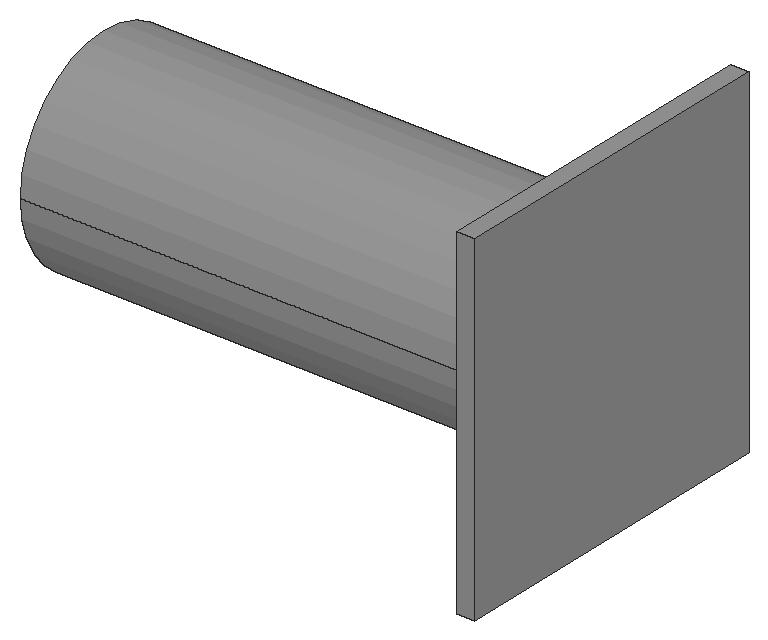
Revit family "ca9a85e7b2614d5b83d77de0f4cb7d5a", category Structural Rebar Couplers, Revit 2021
Family settings
  Work Plane-Based = No
  Always vertical = No
  Cut with Voids When Loaded = No
  Shared = No
Parameters (values of type "FS#8")
  External Diameter = 0' - 1 3/8"
  Symbol Width = 0' - 1.93"
  Symbol Length = 0' - 4.68"
  Material = Steel
  Total Length = 0' - 3 11/32"
  P1 = 0' - 0.11811"
  P2 = Symbol Width * 2  # 0' - 3.86"
  P3 = 0' - 2 1/4"
  End Treatment 2 = Threaded
  End Treatment 1 = Threaded
  Bar Size 2 = #8
  Bar Size 1 = #8
  Bar Engagement 2 = 0' - 1 1/2"
  Bar Engagement 1 = 0' - 1 1/2"
Types (8): name | External Diameter | Symbol Width | Symbol Length | Total Length | P2 | P3 | Bar Size 2 | Bar Size 1 | Bar Engagement 2 | Bar Engagement 1
  FS#8 | 0' - 1 3/8" | 0' - 1.93" | 0' - 4.68" | 0' - 3 11/32" | 0' - 3.86" | 0' - 2 1/4" | #8 | #8 | 0' - 1 1/2" | 0' - 1 1/2"
  FS#11 | 0' - 1 7/8" | 0' - 2.44" | 0' - 5.16" | 0' - 3.97" | 0' - 4.88" | 0' - 2 1/2" | #11 | #11 | 0' - 1 1/2" | 0' - 1 1/2"
  FS#10 | 0' - 1 3/4" | 0' - 2.28" | 0' - 4.92" | 0' - 3.78" | 0' - 4.56" | 0' - 2 1/2" | #10 | #10 | 0' - 1 1/2" | 0' - 1 1/2"
  FS#9 | 0' - 1 1/2" | 0' - 1.95" | 0' - 5.03" | 0' - 3 19/32" | 0' - 3.9" | 0' - 2 1/2" | #9 | #9 | 0' - 1 1/2" | 0' - 1 1/2"
  FS#7 | 0' - 1 3/16" | 0' - 1.66" | 0' - 4.42" | 0' - 3 5/32" | 0' - 3.32" | 0' - 2 1/4" | #7 | #7 | 0' - 1 1/2" | 0' - 1 1/2"
  FS#6 | 0' - 1 1/16" | 0' - 1.49" | 0' - 3.94" | 0' - 2 13/16" | 0' - 2.98" | 0' - 2 1/4" | #6 | #6 | 0' - 1" | 0' - 1"
  FS#5 | 0' - 0 7/8" | 0' - 1.31" | 0' - 3.28" | 0' - 2 3/16" | 0' - 2.62" | 0' - 2 1/4" | #5 | #5 | 0' - 1" | 0' - 1"
  FS#4 | 0' - 0 11/16" | 0' - 1.03" | 0' - 2.44" | 0' - 1 5/8" | 0' - 2.06" | 0' - 2 1/4" | #4 | #4 | 0' - 0 1/2" | 0' - 0 1/2"
Reference planes (in)
  plane 1: y = 0
  plane 2: z = 0
  plane 3: x = 0
  plane 4: y = 0.965
  plane 5: y = -0.965
  plane 6: x = -1.67187
  plane 7: x = 1.67188
  plane 8: x = 1.55376
  plane 9: x = 2.34
  plane 10: x = -2.34
  plane 11: x = 2.22189
  plane 12: y = -1.93
  plane 13: y = 1.93
  plane 14: z = 1.125
  plane 15: y = 1.125
  plane 16: z = -1.125
  plane 17: y = -1.125
Forms (in)
  Extrusion 1, solid, material "Steel" <- "Material"
    sketch origin (-1.67187, 2.95276, 47.24409) x (0, 1, 0) y (0, 0, 1)
      loop
        circle (-2.95276, -47.24409) r 0.6875
    from 0 to 3.34375
  Extrusion 2, solid, material "Steel" <- "Material"
    sketch origin (-1.67187, 2.95276, 47.24409) x (0, 1, 0) y (0, 0, 1)
      loop
        line (-1.82776, -48.36909) -> (-1.82776, -46.11909) -> (-4.07776, -46.11909) -> (-4.07776, -48.36909) -> (-1.82776, -48.36909)
    from 3.34375 to 3.22564
Cuts and joins
  joined: Extrusion 1, Extrusion 2
Lines and regions (in)
  reference lines
    curve 1: circle (-1.67187, 0, 0) r 0.6875 normal (1, 0, 0)
  symbolic lines
    curve 2: line (2.22189, 0.965, 0) -> (-2.34, 0.965, 0)
    curve 3: line (2.34, -1.93, 0) -> (2.34, 1.93, 0)
    curve 4: line (-2.34, -0.965, 0) -> (2.22189, -0.965, 0)
    curve 5: line (-2.34, 0.965, 0) -> (-2.34, -0.965, 0)
    curve 6: line (2.34, 1.93, 0) -> (2.22189, 1.93, 0)
    curve 7: line (2.22189, 1.93, 0) -> (2.22189, 0.965, 0)
    curve 8: line (2.22189, -1.93, 0) -> (2.34, -1.93, 0)
    curve 9: line (2.22189, -0.965, 0) -> (2.22189, -1.93, 0)
Text (in)
  text "Bar 1" at (-11.43676, 0.32318, 0), in view "Base"
  text "Bar 2" at (10.18742, 0.32318, 0), in view "Base"
Dimensions and locks (in)
  "Total Length": plane 6 to plane 7
  equal spacing: plane 6, plane 3, plane 7
  "Symbol Width": plane 4 to plane 5
  equal spacing: plane 4, plane 1, plane 5
  "P1": plane 8 to plane 7
  "Symbol Length": plane 9 to plane 10
  equal spacing: plane 9, plane 3, plane 10
  "P1": plane 9 to plane 11
  "P2": plane 12 to plane 13
  equal spacing: plane 12, plane 1, plane 13
  equal spacing: plane 14, level, plane 16
  equal spacing: plane 15, plane 1, plane 17
  "P3": plane 14 to plane 16
  "P3": plane 15 to plane 17
  "External Diameter": diameter of curve 1
  aligned and locked: Extrusion 1 sketch curve to curve 1
  aligned and locked: plane 7 to Extrusion 1
  aligned and locked: plane 8 to Extrusion 2
  aligned and locked: curve 3 to plane 9
  aligned and locked: plane 10 to curve 5
  aligned and locked: plane 11 to curve 7
  aligned and locked: plane 7 to cut or joined group of Extrusion 1, Extrusion 2
  aligned and locked: cut or joined group of Extrusion 1, Extrusion 2 to plane 6
  aligned and locked: curve 6 to plane 13
  aligned and locked: plane 12 to curve 8
  aligned and locked: Extrusion 2 sketch curve to plane 14
  aligned and locked: plane 15 to Extrusion 2 sketch curve
  aligned and locked: plane 16 to Extrusion 2 sketch curve
  aligned and locked: Extrusion 2 sketch curve to plane 17
Automatic sketch dimensions
  curve 1 to level = 0' - 0"
  curve 1 to plane 1 = 0' - 0"
  curve 4 to plane 5 = 0' - 0"
  curve 4 to plane 11 = 0' - 0"
  curve 2 to plane 4 = 0' - 0"
